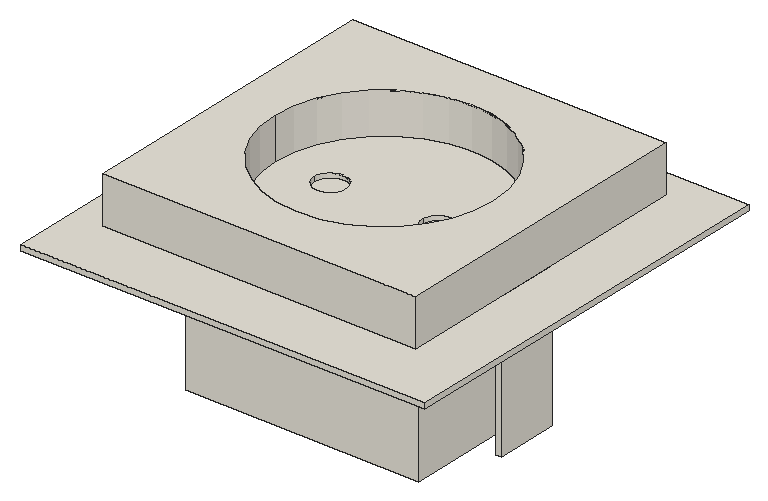
Revit family "Gira_277826", category Electrical Fixtures, host Face, Revit 2017
Family settings
  Host = Face
  Maintain Annotation Orientation = Yes
  Round Connector Dimension = Use Diameter
  Part Type = Normal
  Cut with Voids When Loaded = No
  Shared = No
  Room Calculation Point = No
Parameters (values of type "Steckd. BS 13 A gesch. + SH System 55 F Alu")
  Überspannungsschutz = "No"
  Werkstoffgüte = "sonstige"
  Werkstoff = "sonstige"
  Verdrehter Zentraleinsatz = "No"
  URL = "http://katalog.gira.de/de_DE/datenblatt.html?artikelnr=277826"
  Transparent = "No"
  Textfeld/Beschriftungsfläche = "No"
  Sonderstromversorgung = "ohne Sonderstromversorgung"
  Schutzleiterkontakt rund = "No"
  Schutzkontakt = "No"
  Region = "DE"
  Oberfläche = "sonstige"
  Nennstrom = "13 Ampere"
  Nennspannung = "250 Volt"
  Name = "Steckd. BS 13 A gesch. + SH System 55 F Alu"
  Montageart = "unter Putz"
  Model = "SYS55_Steckdose"
  Mit erhöhtem Berührungsschutz = "Yes"
  Mit eingebauter USB-Spannungsversorgung = "No"
  Mit Signallampe = "No"
  Mit Orientierungsbeleuchtung = "No"
  Mit Klappdeckel = "No"
  Mit Funktionsbeleuchtung = "No"
  Mit Feinsicherung = "No"
  Mit Ein-/Ausschalter = "Yes"
  Mit Durchschleiffunktion = "No"
  Manufacturer URL = "https://www.gira.de/"
  Isolierter Einbau = "No"
  HeinzeBIM = "https://bimportal.heinze.de/bim/steckd-bs-13-a-gesch-sh-system-55-f-alu/6b2d4130ded8f7bea85b6f3f73e578803401bff9"
  Halogenfrei = "No"
  HAN = "277826"
  Geeignet für Schutzart (IP) = "IP20"
  GTIN = "4010337079491"
  Für "erschwerte Bedingungen" (nach VDE) = "No"
  Fehlerstromschutz = "No"
  Farbe = "aluminium"
  Default Elevation = 1219.2 mm
  Data sheet (1) = "https://katalog.gira.de/de_DE/download.html?artikelnr=277826"
  Cremeweiß glänzend = Cremeweiß glänzend
  Category = "Steckdose"
  Befestigungsart = "Krallen-/Schraubbefestigung"
  Available = "Yes"
  Auswurfmechanismus = "No"
  Ausführung = "British Standard"
  Aufdruck/Kennzeichnung = "ohne Aufdruck"
  Anzahl der Steckdosen schaltbar = "1 "
  Anzahl der Module (bei Modulbauweise) = "1 "
  Anzahl der Einheiten = "1 "
  Antibakterielle Behandlung = "No"
  Anschlussart = "Schraubklemme"
  Abschließbar = "No"
Reference planes
  plane 1 "Center (Front/Back)": y = 0
  plane 2 "Reference Level 0": z = 0
  plane 3 "Center (Left/Right)": x = 0
  plane 4: x = 9.5
  plane 5: x = -9.5
  plane 6: x = 9.5
  plane 7: x = -9.5
  plane 8: x = 9.5
  plane 9: x = -9.5
  plane 10: x = 17.5
  plane 11 "Reference Level 1": z = 8.2
Forms (mm)
  Extrusion 1, solid, material "Cremeweiß glänzend" <- "Cremeweiß glänzend", detail levels coarse
    sketch origin (0, 0, 0) x (1, 0, 0) y (0, 1, 0)
      loop
        line (-35.5, 35.5) -> (-35.5, -35.5) -> (35.5, -35.5) -> (35.5, 35.5) -> (-35.5, 35.5)
    from -27.5 to 8.2
  Extrusion 2, solid, material "Cremeweiß glänzend" <- "Cremeweiß glänzend", detail levels medium+fine
    sketch origin (0, 0, 0) x (1, 0, 0) y (0, 1, 0)
      loop
        line (-35.5, 35.5) -> (-35.5, -35.5) -> (35.5, -35.5) -> (35.5, 35.5) -> (-35.5, 35.5)
    from -2.2 to -3.2
  Extrusion 3, solid, material "Cremeweiß glänzend" <- "Cremeweiß glänzend", detail levels medium+fine
    sketch origin (0, 0, 0) x (1, 0, 0) y (0, 1, 0)
      loop
        line (-27.5, 27.5) -> (-27.5, -27.5) -> (27.5, -27.5) -> (27.5, 27.5) -> (-27.5, 27.5)
      loop
        circle (0, 0) r 19.2
    from 0 to 8.2
  Extrusion 4, solid, material "Cremeweiß glänzend" <- "Cremeweiß glänzend", detail levels fine
    sketch origin (0, 0, 0) x (1, 0, 0) y (0, 1, 0)
      loop
        circle (0, 0) r 19.2
      loop
        circle (9.5, 0) r 2.8
      loop
        circle (-9.5, 0) r 2.8
    from 0 to 1
  Extrusion 5, solid, material "Cremeweiß glänzend" <- "Cremeweiß glänzend", detail levels fine
    sketch origin (0, 0, 0) x (1, 0, 0) y (0, 1, 0)
      loop
        circle (-9.5, 0) r 2.8
      loop
        circle (9.5, 0) r 2.8
    from -2.2 to 0.3
  Extrusion 6, solid, material "Cremeweiß glänzend" <- "Cremeweiß glänzend", detail levels medium
    sketch origin (0, 0, 0) x (1, 0, 0) y (0, 1, 0)
      loop
        circle (0, 0) r 19.2
      loop
        circle (9.5, 0) r 2.8
      loop
        circle (-9.5, 0) r 2.8
    from 7.2 to 8.2
  Extrusion 7, solid, material "Cremeweiß glänzend" <- "Cremeweiß glänzend", detail levels medium
    sketch origin (0, 0, 0) x (1, 0, 0) y (0, 1, 0)
      loop
        circle (-9.5, 0) r 2.8
      loop
        circle (9.5, 0) r 2.8
    from 7.2 to 8.2
  Extrusion 8, solid, material "Cremeweiß glänzend" <- "Cremeweiß glänzend", detail levels medium+fine
    sketch origin (0, 0, 0) x (1, 0, 0) y (0, 1, 0)
      loop
        line (-20.5, 9) -> (-20.5, -18) -> (20.5, -18) -> (20.5, 9) -> (17.5, 9) -> (3, 21) -> (3, 24) -> (-3, 24) -> (-3, 21) -> (-17.5, 9) -> (-20.5, 9)
    from 0 to -27.5
  Extrusion 9, solid, material "Cremeweiß glänzend" <- "Cremeweiß glänzend", detail levels medium+fine
    sketch origin (0, 0, 0) x (1, 0, 0) y (0, 1, 0)
      loop
        line (-25, 5.5) -> (-25, -5.5) -> (-24, -5.5) -> (-24, 5.5) -> (-25, 5.5)
    from 0 to -27.5
  Extrusion 10, solid, material "Cremeweiß glänzend" <- "Cremeweiß glänzend", detail levels medium+fine
    sketch origin (0, 0, 0) x (-1, 0, 0) y (0, -1, 0)
      loop
        line (-25, 5.5) -> (-25, -5.5) -> (-24, -5.5) -> (-24, 5.5) -> (-25, 5.5)
    from 0 to -27.5
Dimensions and locks
  aligned and locked: plane 2 "Reference Level 0" to host face
  aligned and locked: level to host face
  aligned and locked: plane 3 "Center (Left/Right)" to nested 1
  aligned and locked: plane 1 "Center (Front/Back)" to nested 1
Nested families
  nested 1: "Steckdose 1-fach Beschriftung" at (0, 0, 0), type "Steckdose 1-fach Beschriftung"
Connectors
  electrical at (0, 9, -27.5)
    settings: on Extrusion 8, index 1, voltage 220 V, apparent load 0 VA, apparent load phase1 0 VA, apparent load phase2 0 VA, apparent load phase3 0 VA, power factor 1, load classification "Other", number of poles 1, system type 31, power factor state 1, is connector primary yes, connector utility no, sub classification motor no, connector description ""
Definition of nested family "Steckdose 1-fach Beschriftung"
  Reference planes
    plane 1: y = 0
    plane 2: x = 0
  Lines and regions (mm)
    detail lines
      curve 1: line (0, 0, 0) -> (0, 2, 0)
      curve 3: line (0, 2, 0) -> (-1, 2, 0)
      curve 4: arc (1, 3, 0) -> (0, 2, 0) -> (-1, 3, 0) r 1
      curve 5: line (0, 2, 0) -> (1, 2, 0)
    reference lines
      curve 2: line (-0.485, 3, 0) -> (2.315, 3, 0)
  Dimensions and locks
    curve 1 to curve 1 = 2 mm
    plane 1 to curve 2 = 3 mm
    curve 3 to curve 3 = 1 mm
